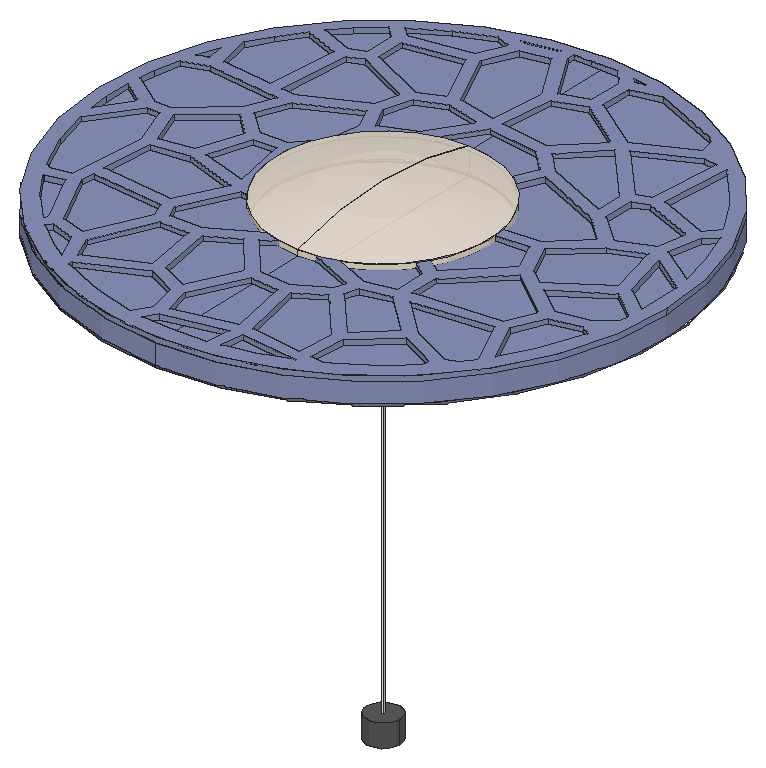
Revit family "Haworth_BuzziMoon_Light", category Lighting Fixtures, host Face, Revit 2018 (continued)
Definition of nested family "Haworth_BuzziMoon_Pendant_Small_PART"
  Automatic sketch dimensions
    Extrusion 3 sketch curve to Extrusion 3 sketch curve = 0.26001"
    plane 9 "Inside Front" to Extrusion 3 sketch curve = 0.51411"
    Extrusion 3 sketch curve to Extrusion 3 sketch curve = 0.87884"
    Extrusion 3 sketch curve to plane 1 "Center (Front/Back)" = 0.80041"
    Extrusion 3 sketch curve to Extrusion 3 sketch curve = 1.87171"
    Extrusion 3 sketch curve to plane 1 "Center (Front/Back)" = 1.80199"
    Extrusion 3 sketch curve to Extrusion 3 sketch curve = 0.16987"
    Extrusion 3 sketch curve to Extrusion 3 sketch curve = 1.11065"
    Extrusion 3 sketch curve to Extrusion 3 sketch curve = 0.12778"
    plane 10 "Cable Back" to Extrusion 3 sketch curve = 0.7639"
    Extrusion 3 sketch curve to Extrusion 3 sketch curve = 4.24723"
    Extrusion 3 sketch curve to Extrusion 3 sketch curve = 1.9714"
    Extrusion 3 sketch curve to Extrusion 3 sketch curve = 0.06407"
    Extrusion 3 sketch curve to plane 1 "Center (Front/Back)" = 2.91228"
    Extrusion 3 sketch curve to Extrusion 3 sketch curve = 1.04082"
    plane 8 "Inside Back" to Extrusion 3 sketch curve = 0.464"
    Extrusion 3 sketch curve to Extrusion 3 sketch curve = 0.49808"
    Extrusion 3 sketch curve to plane 8 "Inside Back" = 0.53887"
    Extrusion 3 sketch curve to Extrusion 3 sketch curve = 0.19104"
    plane 10 "Cable Back" to Extrusion 3 sketch curve = 1.4083"
    Extrusion 3 sketch curve to Extrusion 3 sketch curve = 0.95201"
    Extrusion 3 sketch curve to plane 9 "Inside Front" = 3.64609"
    Extrusion 3 sketch curve to Extrusion 3 sketch curve = 0.99005"
    plane 10 "Cable Back" to Extrusion 3 sketch curve = 0.25651"
    Extrusion 3 sketch curve to Extrusion 3 sketch curve = 0.14626"
    Extrusion 3 sketch curve to Extrusion 3 sketch curve = 0.90801"
    plane 8 "Inside Back" to Extrusion 3 sketch curve = 0.16562"
    Extrusion 3 sketch curve to Extrusion 3 sketch curve = 0.93819"
    Extrusion 3 sketch curve to plane 9 "Inside Front" = 3.58943"
    Extrusion 3 sketch curve to Extrusion 3 sketch curve = 0.60326"
    Extrusion 3 sketch curve to plane 8 "Inside Back" = 2.41146"
    Extrusion 3 sketch curve to Extrusion 3 sketch curve = 0.34454"
    plane 10 "Cable Back" to Extrusion 3 sketch curve = 1.06518"
    Extrusion 3 sketch curve to Extrusion 3 sketch curve = 0.74269"
    plane 9 "Inside Front" to Extrusion 3 sketch curve = 2.67775"
    Extrusion 3 sketch curve to Extrusion 3 sketch curve = 2.22804"
    Extrusion 3 sketch curve to plane 4 "Front" = 2.59258"
    Extrusion 3 sketch curve to Extrusion 3 sketch curve = 0.27141"
    Extrusion 3 sketch curve to Extrusion 3 sketch curve = 0.2811"
    plane 10 "Cable Back" to Extrusion 3 sketch curve = 0.16729"
    Extrusion 3 sketch curve to Extrusion 3 sketch curve = 0.40322"
    Extrusion 3 sketch curve to plane 8 "Inside Back" = 1.71255"
    Extrusion 3 sketch curve to Extrusion 3 sketch curve = 0.74996"
    plane 9 "Inside Front" to Extrusion 3 sketch curve = 2.43626"
    Extrusion 3 sketch curve to Extrusion 3 sketch curve = 0.95751"
    Extrusion 3 sketch curve to plane 4 "Front" = 2.09174"
    Extrusion 3 sketch curve to Extrusion 3 sketch curve = 1.0819"
    Extrusion 3 sketch curve to plane 5 "Back" = 2.04874"
    plane 10 "Cable Back" to Extrusion 3 sketch curve = 1.91265"
    Extrusion 3 sketch curve to Extrusion 3 sketch curve = 0.31494"
    Extrusion 3 sketch curve to plane 5 "Back" = 1.71507"
    Extrusion 3 sketch curve to Extrusion 3 sketch curve = 0.93023"
    plane 10 "Cable Back" to Extrusion 3 sketch curve = 1.15162"
    Extrusion 3 sketch curve to Extrusion 3 sketch curve = 0.71307"
    Extrusion 3 sketch curve to Extrusion 3 sketch curve = 0.38382"
    plane 9 "Inside Front" to Extrusion 3 sketch curve = 1.03846"
    Extrusion 3 sketch curve to Extrusion 3 sketch curve = 2.34744"
    Extrusion 3 sketch curve to plane 8 "Inside Back" = 0.58396"
    Extrusion 3 sketch curve to Extrusion 3 sketch curve = 2.70638"
    Extrusion 3 sketch curve to plane 9 "Inside Front" = 0.5245"
    Extrusion 3 sketch curve to Extrusion 3 sketch curve = 0.70103"
    plane 9 "Inside Front" to Extrusion 3 sketch curve = 0.52946"
    Extrusion 3 sketch curve to Extrusion 3 sketch curve = 0.85481"
    Extrusion 3 sketch curve to plane 8 "Inside Back" = 0.30383"
    Extrusion 3 sketch curve to Extrusion 3 sketch curve = 1.36997"
    Extrusion 3 sketch curve to plane 4 "Front" = 1.06341"
    Extrusion 3 sketch curve to plane 9 "Inside Front" = 0.16214"
    Extrusion 3 sketch curve to Extrusion 3 sketch curve = 1.16146"
    plane 10 "Cable Back" to Extrusion 3 sketch curve = 0.54033"
    Extrusion 3 sketch curve to plane 3 "Center (Left/Right)" = 1.40753"
    Extrusion 3 sketch curve to Extrusion 3 sketch curve = 0.38731"
    Extrusion 3 sketch curve to plane 3 "Center (Left/Right)" = 0.98242"
    Extrusion 3 sketch curve to plane 3 "Center (Left/Right)" = 0.77803"
    Extrusion 3 sketch curve to plane 3 "Center (Left/Right)" = 0.64357"
    Extrusion 3 sketch curve to plane 3 "Center (Left/Right)" = 0.35121"
    Extrusion 3 sketch curve to plane 3 "Center (Left/Right)" = 0.15448"
    Extrusion 3 sketch curve to plane 3 "Center (Left/Right)" = 0.10567"
    Extrusion 3 sketch curve to plane 3 "Center (Left/Right)" = 0.04803"
    plane 3 "Center (Left/Right)" to Extrusion 3 sketch curve = 0.21459"
    Extrusion 3 sketch curve to plane 9 "Inside Front" = 0.10015"
    plane 3 "Center (Left/Right)" to Extrusion 3 sketch curve = 1.32788"
    plane 3 "Center (Left/Right)" to Extrusion 3 sketch curve = 2.22161"
    Extrusion 3 sketch curve to plane 4 "Front" = 1.15667"
    Extrusion 3 sketch curve to Extrusion 3 sketch curve = 0.14593"
    Extrusion 3 sketch curve to Extrusion 3 sketch curve = 0.27982"
    plane 3 "Center (Left/Right)" to Extrusion 3 sketch curve = 2.74049"
    Extrusion 3 sketch curve to plane 9 "Inside Front" = 0.51106"
    Extrusion 3 sketch curve to Extrusion 3 sketch curve = 0.95714"
    Extrusion 3 sketch curve to plane 4 "Front" = 1.34693"
    Extrusion 3 sketch curve to Extrusion 3 sketch curve = 0.15448"
    Extrusion 3 sketch curve to plane 10 "Cable Back" = 0.19467"
    plane 3 "Center (Left/Right)" to Extrusion 3 sketch curve = 3.92782"
    plane 10 "Cable Back" to Extrusion 3 sketch curve = 0.78999"
    Extrusion 3 sketch curve to Extrusion 3 sketch curve = 0.05922"
    Extrusion 3 sketch curve to plane 8 "Inside Back" = 1.44762"
    Extrusion 3 sketch curve to Extrusion 3 sketch curve = 0.88838"
    plane 10 "Cable Back" to Extrusion 3 sketch curve = 0.26245"
    Extrusion 3 sketch curve to Extrusion 3 sketch curve = 0.86714"
    plane 9 "Inside Front" to Extrusion 3 sketch curve = 2.44554"
    Extrusion 3 sketch curve to Extrusion 3 sketch curve = 2.41791"
    Extrusion 3 sketch curve to Extrusion 3 sketch curve = 0.30593"
    plane 9 "Inside Front" to Extrusion 3 sketch curve = 1.47927"
    Extrusion 3 sketch curve to Extrusion 3 sketch curve = 0.39853"
    plane 8 "Inside Back" to Extrusion 3 sketch curve = 0.30711"
    Extrusion 3 sketch curve to Extrusion 3 sketch curve = 0.79613"
    Extrusion 3 sketch curve to plane 8 "Inside Back" = 2.04154"
    Extrusion 3 sketch curve to Extrusion 3 sketch curve = 0.81136"
    Extrusion 3 sketch curve to plane 5 "Back" = 2.15606"
    Extrusion 3 sketch curve to Extrusion 3 sketch curve = 0.85388"
    plane 9 "Inside Front" to Extrusion 3 sketch curve = 2.68118"
    Extrusion 3 sketch curve to Extrusion 3 sketch curve = 0.66156"
    plane 9 "Inside Front" to Extrusion 3 sketch curve = 0.68912"
    Extrusion 3 sketch curve to Extrusion 3 sketch curve = 0.67805"
    Extrusion 3 sketch curve to plane 4 "Front" = 2.33724"
    plane 9 "Inside Front" to Extrusion 3 sketch curve = 1.62115"
    Extrusion 3 sketch curve to Extrusion 3 sketch curve = 0.32811"
    Extrusion 3 sketch curve to plane 8 "Inside Back" = 0.22471"
    Extrusion 3 sketch curve to Extrusion 3 sketch curve = 0.83953"
    plane 8 "Inside Back" to Extrusion 3 sketch curve = 0.82516"
    Extrusion 3 sketch curve to Extrusion 3 sketch curve = 0.86765"
    plane 10 "Cable Back" to Extrusion 3 sketch curve = 2.04281"
    Extrusion 3 sketch curve to Extrusion 3 sketch curve = 0.95493"
    Extrusion 3 sketch curve to plane 9 "Inside Front" = 3.42994"
    Extrusion 3 sketch curve to Extrusion 3 sketch curve = 1.00245"
    Extrusion 3 sketch curve to plane 4 "Front" = 2.79611"
    Extrusion 3 sketch curve to Extrusion 3 sketch curve = 0.9058"
    Extrusion 3 sketch curve to plane 9 "Inside Front" = 4.24021"
    plane 9 "Inside Front" to Extrusion 3 sketch curve = 0.09059"
    Extrusion 3 sketch curve to Extrusion 3 sketch curve = 2.34242"
    plane 9 "Inside Front" to Extrusion 3 sketch curve = 1.01794"
    Extrusion 3 sketch curve to Extrusion 3 sketch curve = 0.34646"
    Extrusion 3 sketch curve to plane 1 "Center (Front/Back)" = 1.57158"
    Extrusion 3 sketch curve to Extrusion 3 sketch curve = 3.08787"
    Extrusion 3 sketch curve to plane 9 "Inside Front" = 3.43423"
    Extrusion 3 sketch curve to Extrusion 3 sketch curve = 0.43446"
    Extrusion 3 sketch curve to plane 1 "Center (Front/Back)" = 0.59395"
    Extrusion 3 sketch curve to plane 9 "Inside Front" = 0.08184"
    Extrusion 3 sketch curve to Extrusion 3 sketch curve = 0.98425"  (x2)
    plane 9 "Inside Front" to Extrusion 3 sketch curve = 2.15503"
    plane 9 "Inside Front" to Extrusion 3 sketch curve = 0.83888"
    Extrusion 3 sketch curve to Extrusion 3 sketch curve = 0.58886"
    plane 9 "Inside Front" to Extrusion 3 sketch curve = 1.47363"
    Extrusion 3 sketch curve to Extrusion 3 sketch curve = 0.6515"
    plane 9 "Inside Front" to Extrusion 3 sketch curve = 0.67386"
    Extrusion 3 sketch curve to plane 1 "Center (Front/Back)" = 0.81398"
    Extrusion 3 sketch curve to Extrusion 3 sketch curve = 2.67107"
    Extrusion 3 sketch curve to plane 1 "Center (Front/Back)" = 1.80963"
    Extrusion 3 sketch curve to Extrusion 3 sketch curve = 0.09799"
    Extrusion 3 sketch curve to plane 8 "Inside Back" = 1.36213"
    Extrusion 3 sketch curve to plane 6 "Left" = 3.84358"
    Extrusion 3 sketch curve to plane 9 "Inside Front" = 0.41762"
    Extrusion 3 sketch curve to Extrusion 3 sketch curve = 0.83594"
    Extrusion 3 sketch curve to Extrusion 3 sketch curve = 0.22661"
    Extrusion 3 sketch curve to plane 1 "Center (Front/Back)" = 1.20746"
    Extrusion 3 sketch curve to Extrusion 3 sketch curve = 0.90247"
    Extrusion 3 sketch curve to Extrusion 3 sketch curve = 1.15257"
    Extrusion 3 sketch curve to Extrusion 3 sketch curve = 0.63068"
    Extrusion 3 sketch curve to Extrusion 3 sketch curve = 0.98938"
    Extrusion 3 sketch curve to plane 6 "Left" = 1.74601"
    Extrusion 3 sketch curve to Extrusion 3 sketch curve = 0.17396"
    Extrusion 3 sketch curve to plane 6 "Left" = 1.352"
    Extrusion 3 sketch curve to Extrusion 3 sketch curve = 0.26878"
    Extrusion 3 sketch curve to Extrusion 3 sketch curve = 0.20314"
    Extrusion 3 sketch curve to Extrusion 3 sketch curve = 0.75317"
    Extrusion 3 sketch curve to Extrusion 3 sketch curve = 1.07929"
    Extrusion 3 sketch curve to Extrusion 3 sketch curve = 0.79732"
    Extrusion 3 sketch curve to Extrusion 3 sketch curve = 0.44738"
    Extrusion 3 sketch curve to Extrusion 3 sketch curve = 0.73396"
    Extrusion 3 sketch curve to Extrusion 3 sketch curve = 0.542"
    Extrusion 3 sketch curve to Extrusion 3 sketch curve = 0.7389"
    Extrusion 3 sketch curve to Extrusion 3 sketch curve = 0.89289"
    Extrusion 3 sketch curve to Extrusion 3 sketch curve = 0.05541"
    Extrusion 3 sketch curve to Extrusion 3 sketch curve = 0.22628"
    Extrusion 3 sketch curve to Extrusion 3 sketch curve = 1.01145"
    Extrusion 3 sketch curve to Extrusion 3 sketch curve = 0.16928"
    Extrusion 3 sketch curve to Extrusion 3 sketch curve = 0.96206"
    Extrusion 3 sketch curve to Extrusion 3 sketch curve = 0.82376"
    Extrusion 3 sketch curve to Extrusion 3 sketch curve = 0.14981"
    Extrusion 3 sketch curve to Extrusion 3 sketch curve = 0.85085"
    Extrusion 3 sketch curve to Extrusion 3 sketch curve = 1.08513"
    Extrusion 3 sketch curve to Extrusion 3 sketch curve = 0.75929"
    Extrusion 3 sketch curve to Extrusion 3 sketch curve = 0.20633"
    Extrusion 3 sketch curve to Extrusion 3 sketch curve = 0.30772"
    Extrusion 3 sketch curve to Extrusion 3 sketch curve = 0.78432"
    Extrusion 3 sketch curve to Extrusion 3 sketch curve = 1.07699"
    Extrusion 3 sketch curve to Extrusion 3 sketch curve = 0.87739"
    Extrusion 3 sketch curve to Extrusion 3 sketch curve = 1.15255"
    plane 10 "Cable Back" to Extrusion 3 sketch curve = 0.35024"
    Extrusion 3 sketch curve to Extrusion 3 sketch curve = 0.95359"
    Extrusion 3 sketch curve to Extrusion 3 sketch curve = 0.16223"
    Extrusion 3 sketch curve to Extrusion 3 sketch curve = 0.82703"
    Extrusion 4 sketch curve to Extrusion 4 sketch curve = 0.000"  (x50)
    Extrusion 4 sketch curve to plane 7 "Right" = 1.29755"
    Extrusion 4 sketch curve to Extrusion 4 sketch curve = 0.15933"
    Extrusion 4 sketch curve to plane 8 "Inside Back" = 0.25028"
    Extrusion 4 sketch curve to Extrusion 4 sketch curve = 1.09949"
    Extrusion 4 sketch curve to plane 8 "Inside Back" = 0.00735"
    Extrusion 4 sketch curve to Extrusion 4 sketch curve = 0.16235"
    Extrusion 4 sketch curve to plane 10 "Cable Back" = 0.84384"
    Extrusion 4 sketch curve to Extrusion 4 sketch curve = 1.08547"
    Extrusion 4 sketch curve to Extrusion 4 sketch curve = 0.16851"
    plane 10 "Cable Back" to Extrusion 4 sketch curve = 0.49131"
    Extrusion 4 sketch curve to Extrusion 4 sketch curve = 1.12703"
    Extrusion 4 sketch curve to Extrusion 4 sketch curve = 0.18742"
    Extrusion 4 sketch curve to Extrusion 4 sketch curve = 1.01862"
    Extrusion 4 sketch curve to Extrusion 4 sketch curve = 0.24211"  (x2)
    plane 1 "Center (Front/Back)" to Extrusion 4 sketch curve = 3.36685"
    Extrusion 4 sketch curve to Extrusion 4 sketch curve = 6.24723"
    Extrusion 4 sketch curve to plane 1 "Center (Front/Back)" = 3.34495"
    Extrusion 4 sketch curve to Extrusion 4 sketch curve = 0.26234"  (x32)
    Extrusion 4 sketch curve to Extrusion 4 sketch curve = 0.9969"  (x25)
    Extrusion 4 sketch curve to Extrusion 4 sketch curve = 1.01714"
    Extrusion 4 sketch curve to plane 4 "Front" = 0.32055"
    Extrusion 4 sketch curve to plane 8 "Inside Back" = 0.61154"
    Extrusion 4 sketch curve to plane 4 "Front" = 0.11524"
    Extrusion 4 sketch curve to plane 5 "Back" = 0.12769"
    Extrusion 4 sketch curve to plane 4 "Front" = 0.08555"
    Extrusion 4 sketch curve to plane 8 "Inside Back" = 0.07232"
    Extrusion 4 sketch curve to Extrusion 4 sketch curve = 0.73456"
    Extrusion 4 sketch curve to plane 9 "Inside Front" = 0.00899"
    Extrusion 4 sketch curve to plane 3 "Center (Left/Right)" = 0.64975"
    Extrusion 4 sketch curve to plane 8 "Inside Back" = 0.04913"
    Extrusion 4 sketch curve to plane 9 "Inside Front" = 0.00497"
    plane 1 "Center (Front/Back)" to Extrusion 4 sketch curve = 0.00868"
    Extrusion 4 sketch curve to plane 3 "Center (Left/Right)" = 0.03883"
    Extrusion 4 sketch curve to Extrusion 4 sketch curve = 0.0153"
    Extrusion 4 sketch curve to Extrusion 4 sketch curve = 0.00379"  (x2)
    plane 1 "Center (Front/Back)" to Extrusion 4 sketch curve = 0.00269"
    Extrusion 4 sketch curve to Extrusion 4 sketch curve = 0.00163"
    Extrusion 4 sketch curve to Extrusion 4 sketch curve = 0.00228"
    Extrusion 4 sketch curve to Extrusion 4 sketch curve = 0.00091"
    Extrusion 4 sketch curve to Extrusion 4 sketch curve = 0.00175"
    Extrusion 4 sketch curve to Extrusion 4 sketch curve = 0.00098"
    Extrusion 4 sketch curve to Extrusion 4 sketch curve = 0.00093"
    Extrusion 4 sketch curve to Extrusion 4 sketch curve = 0.00079"
    Extrusion 4 sketch curve to Extrusion 4 sketch curve = 0.00057"  (x2)
    Extrusion 4 sketch curve to Extrusion 4 sketch curve = 0.00051"
    Extrusion 4 sketch curve to Extrusion 4 sketch curve = 0.00071"
    Extrusion 4 sketch curve to Extrusion 4 sketch curve = 0.00064"
    Extrusion 4 sketch curve to Extrusion 4 sketch curve = 0.00065"
    Extrusion 4 sketch curve to Extrusion 4 sketch curve = 0.00048"  (x2)
    Extrusion 4 sketch curve to Extrusion 4 sketch curve = 0.00006"  (x2)
    Extrusion 4 sketch curve to Extrusion 4 sketch curve = 0.00037"
    Extrusion 4 sketch curve to Extrusion 4 sketch curve = 0.00041"  (x2)
    Extrusion 4 sketch curve to Extrusion 4 sketch curve = 0.00036"
    Extrusion 4 sketch curve to Extrusion 4 sketch curve = 0.00034"  (x2)
    Extrusion 4 sketch curve to Extrusion 4 sketch curve = 0.00176"
    Extrusion 4 sketch curve to Extrusion 4 sketch curve = 0.00027"  (x2)
    Extrusion 4 sketch curve to Extrusion 4 sketch curve = 0.00023"
    Extrusion 4 sketch curve to Extrusion 4 sketch curve = 0.00014"
    Extrusion 4 sketch curve to Extrusion 4 sketch curve = 0.00003"  (x3)
    Extrusion 4 sketch curve to Extrusion 4 sketch curve = 0.00002"
    Extrusion 4 sketch curve to Extrusion 4 sketch curve = 0.00001"  (x4)
    Extrusion 4 sketch curve to Extrusion 4 sketch curve = 0.00021"  (x2)
    Extrusion 4 sketch curve to Extrusion 4 sketch curve = 0.00004"  (x3)
    Extrusion 4 sketch curve to Extrusion 4 sketch curve = 0.00005"  (x3)
    Extrusion 4 sketch curve to Extrusion 4 sketch curve = 0.00016"  (x2)
    Extrusion 4 sketch curve to Extrusion 4 sketch curve = 0.00011"
    Extrusion 4 sketch curve to Extrusion 4 sketch curve = 0.00018"
    Extrusion 4 sketch curve to plane 3 "Center (Left/Right)" = 0.00296"
    Extrusion 4 sketch curve to plane 3 "Center (Left/Right)" = 0.00212"
    plane 3 "Center (Left/Right)" to Extrusion 4 sketch curve = 0.01571"
    plane 3 "Center (Left/Right)" to Extrusion 4 sketch curve = 0.01647"
    Extrusion 4 sketch curve to Extrusion 4 sketch curve = 0.0129"
    plane 3 "Center (Left/Right)" to Extrusion 4 sketch curve = 0.47709"
    Extrusion 4 sketch curve to plane 5 "Back" = 0.02516"
    plane 3 "Center (Left/Right)" to Extrusion 4 sketch curve = 0.60949"  (x2)
    Extrusion 4 sketch curve to plane 4 "Front" = 0.01211"
    Extrusion 4 sketch curve to plane 4 "Front" = 0.0246"
    Extrusion 4 sketch curve to plane 5 "Back" = 0.03771"
    Extrusion 4 sketch curve to plane 9 "Inside Front" = 0.20664"
    Extrusion 4 sketch curve to plane 5 "Back" = 0.12554"
    Extrusion 4 sketch curve to plane 4 "Front" = 0.14599"
    Extrusion 4 sketch curve to plane 5 "Back" = 0.15932"
    Extrusion 4 sketch curve to plane 4 "Front" = 0.3155"
    Extrusion 4 sketch curve to plane 8 "Inside Back" = 0.59782"
    Extrusion 4 sketch curve to plane 5 "Back" = 0.63962"
    plane 10 "Cable Back" to Extrusion 4 sketch curve = 0.43856"
    plane 10 "Cable Back" to Extrusion 4 sketch curve = 0.19017"
    Extrusion 4 sketch curve to plane 8 "Inside Back" = 0.30347"
    Extrusion 4 sketch curve to plane 6 "Left" = 1.28881"
    Extrusion 4 sketch curve to Extrusion 4 sketch curve = 0.00753"
    Extrusion 4 sketch curve to Extrusion 4 sketch curve = 0.00852"
    Extrusion 4 sketch curve to Extrusion 4 sketch curve = 0.03374"
    Extrusion 4 sketch curve to Extrusion 4 sketch curve = 0.05145"
    Extrusion 4 sketch curve to Extrusion 4 sketch curve = 0.05566"
    Extrusion 4 sketch curve to Extrusion 4 sketch curve = 0.23839"
    Extrusion 4 sketch curve to Extrusion 4 sketch curve = 0.25485"
    Extrusion 4 sketch curve to Extrusion 4 sketch curve = 0.07429"
    Extrusion 4 sketch curve to Extrusion 4 sketch curve = 0.07876"
    Extrusion 4 sketch curve to Extrusion 4 sketch curve = 0.32809"
    Extrusion 4 sketch curve to Extrusion 4 sketch curve = 0.34581"
    Extrusion 4 sketch curve to Extrusion 4 sketch curve = 0.0988"
    Extrusion 4 sketch curve to Extrusion 4 sketch curve = 0.10368"
    Extrusion 4 sketch curve to Extrusion 4 sketch curve = 0.4256"
    Extrusion 4 sketch curve to Extrusion 4 sketch curve = 0.44522"
    Extrusion 4 sketch curve to Extrusion 4 sketch curve = 0.1258"
    Extrusion 4 sketch curve to Extrusion 4 sketch curve = 0.1313"
    Extrusion 4 sketch curve to Extrusion 4 sketch curve = 0.54643"
    Extrusion 4 sketch curve to Extrusion 4 sketch curve = 0.55714"
    Extrusion 4 sketch curve to Extrusion 4 sketch curve = 0.1446"
    Extrusion 4 sketch curve to Extrusion 4 sketch curve = 0.16292"  (x2)
    Extrusion 4 sketch curve to Extrusion 4 sketch curve = 0.66042"
    Extrusion 4 sketch curve to Extrusion 4 sketch curve = 0.68791"
    Extrusion 4 sketch curve to Extrusion 4 sketch curve = 0.1775"
    Extrusion 4 sketch curve to Extrusion 4 sketch curve = 0.20067"
    Extrusion 4 sketch curve to Extrusion 4 sketch curve = 0.18072"
    Extrusion 4 sketch curve to Extrusion 4 sketch curve = 0.84835"
    Extrusion 4 sketch curve to Extrusion 4 sketch curve = 0.24841"
    Extrusion 4 sketch curve to Extrusion 4 sketch curve = 1.15482"
    Extrusion 4 sketch curve to Extrusion 4 sketch curve = 0.17528"
    Extrusion 4 sketch curve to Extrusion 4 sketch curve = 1.05949"
    Extrusion 4 sketch curve to Extrusion 4 sketch curve = 0.31416"
    Extrusion 4 sketch curve to Extrusion 4 sketch curve = 0.0132"
    Extrusion 4 sketch curve to plane 9 "Inside Front" = 0.01966"
    Extrusion 4 sketch curve to Extrusion 4 sketch curve = 0.03161"
    Extrusion 4 sketch curve to Extrusion 4 sketch curve = 0.15097"
    Extrusion 4 sketch curve to plane 9 "Inside Front" = 0.21452"
    Extrusion 4 sketch curve to plane 9 "Inside Front" = 0.25623"
    Extrusion 4 sketch curve to plane 9 "Inside Front" = 0.26762"
    Extrusion 4 sketch curve to Extrusion 4 sketch curve = 1.37041"
    Extrusion 4 sketch curve to Extrusion 4 sketch curve = 0.09586"  (x2)
    Extrusion 4 sketch curve to Extrusion 4 sketch curve = 0.10409"
    Extrusion 4 sketch curve to Extrusion 4 sketch curve = 0.41903"
    Extrusion 4 sketch curve to Extrusion 4 sketch curve = 0.14574"
    Extrusion 4 sketch curve to Extrusion 4 sketch curve = 0.15604"  (x2)
    Extrusion 4 sketch curve to Extrusion 4 sketch curve = 0.21173"  (x2)
    Extrusion 4 sketch curve to Extrusion 4 sketch curve = 0.21058"
    Extrusion 4 sketch curve to Extrusion 4 sketch curve = 2.01318"
    Extrusion 4 sketch curve to Extrusion 4 sketch curve = 0.32983"
    Extrusion 4 sketch curve to Extrusion 4 sketch curve = 1.94183"
    Extrusion 4 sketch curve to Extrusion 4 sketch curve = 0.65174"  (x2)
    Extrusion 4 sketch curve to Extrusion 4 sketch curve = 0.28625"
    Extrusion 4 sketch curve to Extrusion 4 sketch curve = 0.34434"  (x2)
    Extrusion 4 sketch curve to Extrusion 4 sketch curve = 0.71128"  (x2)
    Extrusion 4 sketch curve to Extrusion 4 sketch curve = 0.0078"
    Extrusion 4 sketch curve to Extrusion 4 sketch curve = 0.00143"
    Extrusion 4 sketch curve to Extrusion 4 sketch curve = 0.00116"
    Extrusion 4 sketch curve to Extrusion 4 sketch curve = 0.00087"
    Extrusion 4 sketch curve to Extrusion 4 sketch curve = 0.00062"
    Extrusion 4 sketch curve to Extrusion 4 sketch curve = 0.00032"
    Extrusion 4 sketch curve to Extrusion 4 sketch curve = 0.00029"
    Extrusion 4 sketch curve to Extrusion 4 sketch curve = 0.00126"
    Extrusion 4 sketch curve to Extrusion 4 sketch curve = 0.00007"  (x2)
    Extrusion 4 sketch curve to Extrusion 4 sketch curve = 0.00009"
    Extrusion 4 sketch curve to Extrusion 4 sketch curve = 0.0002"
    Extrusion 4 sketch curve to Extrusion 4 sketch curve = 0.0001"  (x2)
    Extrusion 4 sketch curve to Extrusion 4 sketch curve = 0.00012"
    Extrusion 4 sketch curve to Extrusion 4 sketch curve = 0.58042"
    Extrusion 4 sketch curve to Extrusion 4 sketch curve = 0.28926"
    Extrusion 4 sketch curve to Extrusion 4 sketch curve = 0.21359"
    Extrusion 4 sketch curve to plane 8 "Inside Back" = 0.22553"
    Extrusion 4 sketch curve to Extrusion 4 sketch curve = 0.16889"
    Extrusion 4 sketch curve to Extrusion 4 sketch curve = 0.20066"
    Extrusion 4 sketch curve to Extrusion 4 sketch curve = 0.17744"
    Extrusion 4 sketch curve to Extrusion 4 sketch curve = 0.15632"
    Extrusion 4 sketch curve to Extrusion 4 sketch curve = 0.13131"
    Extrusion 4 sketch curve to Extrusion 4 sketch curve = 0.12564"
    Extrusion 4 sketch curve to Extrusion 4 sketch curve = 0.1037"
    Extrusion 4 sketch curve to Extrusion 4 sketch curve = 0.09867"
    Extrusion 4 sketch curve to Extrusion 4 sketch curve = 0.07418"
    Extrusion 4 sketch curve to plane 5 "Back" = 0.09807"
    Extrusion 5 sketch curve to Extrusion 5 sketch curve = 0.000"  (x4)
    Extrusion 5 sketch curve to plane 6 "Left" = 15.750"
    Extrusion 5 sketch curve to Extrusion 5 sketch curve = 0.01789"
    Extrusion 5 sketch curve to Extrusion 5 sketch curve = 0.01897"
    plane 1 "Center (Front/Back)" to Extrusion 5 sketch curve = 0.000"
    Revolve 6 sketch curve to plane 12 "Screen End" = 0.000"
    Revolve 6 sketch curve to level = 17.28091"
    level to Revolve 6 sketch curve = 3.350"
    Revolve 6 sketch curve to Revolve 6 sketch curve = 6.19415"
    Revolve 7 sketch curve to Revolve 7 sketch curve = 3.200"
    plane 12 "Screen End" to Revolve 7 sketch curve = 2.240"
    Revolve 8 sketch curve to level = 1.08414"
    plane 15 to Revolve 8 sketch curve = 3.16586"
    radius of Extrusion 3 sketch curve = 15.74803"
    radius of Extrusion 5 sketch curve = 12.20472"
    radius of Extrusion 5 sketch curve = 10.23622"
    radius of Extrusion 5 sketch curve = 8.85827"
    radius of Extrusion 5 sketch curve = 13.18898"
    radius of Blend 9 sketch curve = 0.045"  (x2)
    radius of Blend 10 sketch curve = 0.045"  (x2)
    radius of Blend 11 sketch curve = 0.045"  (x2)
Definition of nested family "Haworth_BuzziMoon_Pendant_Medium_PART"
  Parameters (values of type "Medium")
    Warranty = "https://www.haworth.com/resources/product-info/warranties"
    URL - Product = "https://www.haworth.com/products/lighting/acoustic/buzzimoon"
    URL = "https://www.haworth.com/our-brands/haworth-collection"
    Trim Finish = none
    Revision = "1"  # constant formula
    Outside Radius = Actual Width / 2  # 19.685"
    Outer Upholstery Finish = none
    Note = "Verify Final Dim. w/ Haworth"  # constant formula
    Model = "HCBZ-MNP2"  # constant formula
    Manufacturer = "Haworth"  # constant formula
    Inside Radius = 17.720" / 2  # 8.860"
    Glass Finish = none
    Flat = yes
    Description = "Haworth - BuzziMoon - Medium Pendant Part"  # constant formula
    Cable Length = 10.000"  # constant formula
    Author = "Haworth (Alias)"  # constant formula
    Assembly Code = "E2020200"
    Actual Width = 39.370"  # constant formula
    Actual Height = 2.360"  # constant formula
    Actual Depth = 39.370"  # constant formula
    3D Rib = yes
    3D Leaf = yes
    3D Drop = yes
  Reference planes (in)
    plane 1 "Center (Front/Back)": y = 0
    plane 2: z = 0
    plane 3 "Center (Left/Right)": x = 0
    plane 4 "Front": y = -19.685
    plane 5 "Back": y = 19.685
    plane 6 "Left": x = 19.685
    plane 7 "Right": x = -19.685
    plane 8 "Inside Back": y = 8.86
    plane 9 "Inside Front": y = -8.86
    plane 10 "Cable Back": y = 11.11
    plane 11 "Cable End": z = 10
    plane 12 "Screen End": z = 12.36
    plane 13: z = 11.96
    plane 14 "Cable Control": z = 10.1
    plane 15: z = 1
  Forms (in)
    Revolve 1, solid, material <- "Outer Upholstery Finish"
      sketch origin (0, 0, 0) x (0, 1, 0) y (0, 0, 1)
        loop
          arc (8.86, 10.25) -> (8.93322, 10.07322) -> (9.11, 10) r 0.25
          line (9.11, 10) -> (19.435, 10)
          arc (19.435, 10) -> (19.61178, 10.07322) -> (19.685, 10.25) r 0.25
          line (19.685, 10.25) -> (19.685, 11.96) -> (8.86, 11.96) -> (8.86, 10.25)
        axis (0, 11.96) -> (0, 10)
      angle from 0 to 360
    Revolve 2, solid, material <- "Outer Upholstery Finish", visible <- "Flat"
      sketch origin (0, 0, 0) x (0, 1, 0) y (0, 0, 1)
        loop
          line (8.86, 11.96) -> (19.685, 11.96) -> (19.685, 12.06)
          arc (19.685, 12.06) -> (19.59713, 12.27213) -> (19.385, 12.36) r 0.3
          line (19.385, 12.36) -> (9.16, 12.36)
          arc (9.16, 12.36) -> (8.94787, 12.27213) -> (8.86, 12.06) r 0.3
          line (8.86, 12.06) -> (8.86, 11.96)
        axis (0, 12.36) -> (0, 11.96)
      angle from 0 to 360
    Extrusion 3, solid, material <- "Outer Upholstery Finish", visible <- "3D Leaf"
      sketch origin (0, 0, 0) x (1, 0, 0) y (0, 1, 0)
        loop
          circle (0.00004, 0.00004) r 19.68504
        loop
          arc (-1.41155, 18.64748) -> (-3.83056, 18.3043) -> (-6.18419, 17.64869) r 18.70079
          line (-6.18419, 17.64869) -> (-4.13297, 13.22887) -> (-1.01822, 12.59704) -> (-0.5075, 17.12302) -> (-1.41155, 18.64748)
        loop
          line (0.22006, 17.82576) -> (2.36546, 18.55063)
          arc (2.36546, 18.55063) -> (1.03663, 18.67208) -> (-0.29747, 18.69846) r 18.70079
          line (-0.29747, 18.69846) -> (0.22006, 17.82576)
        loop
          line (3.74196, 18.32263) -> (7.87261, 15.58338) -> (9.24271, 16.25712)
          arc (9.24271, 16.25712) -> (6.57396, 17.50727) -> (3.74196, 18.32263) r 18.70079
        loop
          line (2.90765, 17.6949) -> (0.45398, 16.86588) -> (-0.04603, 12.43481) -> (3.98904, 11.92097) -> (7.05856, 14.94221) -> (2.90765, 17.6949)
        loop
          line (7.81263, 14.30338) -> (4.85618, 11.39343) -> (6.48198, 9.70614) -> (11.90842, 7.51884) -> (11.90842, 9.70287) -> (7.81263, 14.30338)
        loop
          line (8.63401, 14.86098) -> (12.53488, 10.47941) -> (13.62963, 10.93594) -> (13.78179, 12.64056)
          arc (13.78179, 12.64056) -> (12.10364, 14.25565) -> (10.23775, 15.6496) r 18.70079
          line (10.23775, 15.6496) -> (8.63401, 14.86098)
        loop
          line (14.67619, 11.59012) -> (14.6172, 10.92923) -> (15.36777, 10.65613)
          arc (15.36777, 10.65613) -> (15.02924, 11.1285) -> (14.67619, 11.59012) r 18.70079
        loop
          line (16.22654, 9.29628) -> (14.10557, 10.06801) -> (12.89268, 9.56222) -> (12.89268, 7.00792) -> (15.23962, 4.87923) -> (17.73863, 5.92135)
          arc (17.73863, 5.92135) -> (17.06622, 7.64628) -> (16.22654, 9.29628) r 18.70079
        loop
          line (18.0269, 4.97515) -> (15.40561, 3.88205) -> (12.41178, 1.22844) -> (13.65126, -1.44079) -> (14.93849, -2.42977) -> (18.70076, 0.04813)
          arc (18.70076, 0.04813) -> (18.52834, 2.53414) -> (18.0269, 4.97515) r 18.70079
        loop
          line (14.40336, 4.30893) -> (12.13504, 6.3663) -> (6.45386, 8.65627) -> (5.62956, 6.83944)
          arc (5.62956, 6.83944) -> (5.39158, 7.02857) -> (5.14724, 7.20942) r 8.85827
          arc (5.14724, 7.20942) -> (4.98398, 7.32324) -> (4.8182, 7.43336) r 8.85827
          line (4.8182, 7.43336) -> (5.61433, 9.18809) -> (3.92983, 10.93631) -> (-0.3492, 11.48122) -> (-2.30168, 8.55404)
          arc (-2.30168, 8.55404) -> (-3.53643, 8.12176) -> (-4.69405, 7.51232) r 8.85827
          arc (-4.69405, 7.51232) -> (-6.23097, 6.29635) -> (-7.4629, 4.77219) r 8.85827
          line (-7.4629, 4.77219) -> (-7.11258, 6.46952) -> (-8.05624, 8.3421) -> (-12.54637, 6.13413) -> (-13.58382, 3.53656) -> (-11.62869, 1.63987) -> (-9.40595, 1.82296) -> (-8.35451, 2.94458)
          arc (-8.35451, 2.94458) -> (-8.81328, 0.89131) -> (-8.77489, -1.21223) r 8.85827
          arc (-8.77489, -1.21223) -> (-8.20746, -3.3325) -> (-7.13614, -5.24818) r 8.85827
          line (-7.13614, -5.24818) -> (-7.72437, -5.19293) -> (-9.8571, -9.35314) -> (-9.36529, -10.53252) -> (-6.72837, -10.53252) -> (-3.02331, -8.32632)
          arc (-3.02331, -8.32632) -> (-2.37479, -8.53396) -> (-1.71224, -8.69116) r 8.85827
          line (-1.71224, -8.69116) -> (-2.84971, -9.36848) -> (-0.15247, -12.68113) -> (2.50344, -12.8508) -> (4.92136, -11.28456) -> (5.31988, -10.3183) -> (1.36439, -8.75253)
          arc (1.36439, -8.75253) -> (1.83647, -8.66578) -> (2.30316, -8.55359) r 8.85827
          arc (2.30316, -8.55359) -> (2.64938, -8.45277) -> (2.9912, -8.33794) r 8.85827
          line (2.9912, -8.33794) -> (5.99793, -9.52814) -> (8.34035, -8.92962) -> (8.34035, -6.29768) -> (7.01008, -5.41551)
          arc (7.01008, -5.41551) -> (7.17167, -5.19963) -> (7.32662, -4.97893) r 8.85827
          arc (7.32662, -4.97893) -> (7.44951, -4.79312) -> (7.56768, -4.60428) r 8.85827
          line (7.56768, -4.60428) -> (8.77481, -5.40479) -> (12.66188, -1.64712) -> (11.50931, 0.83495) -> (8.83695, 0.61482)
          arc (8.83695, 0.61482) -> (8.80366, 0.98247) -> (8.75508, 1.34842) r 8.85827
          arc (8.75508, 1.34842) -> (8.73541, 1.47049) -> (8.71403, 1.59228) r 8.85827
          line (8.71403, 1.59228) -> (11.6073, 1.83061) -> (14.40336, 4.30893)
        loop
          line (-3.65624, 8.29702) -> (-1.40553, 11.67131) -> (-4.41901, 12.2826) -> (-6.64743, 11.29827) -> (-7.30909, 9.04659) -> (-6.36262, 7.16842) -> (-3.65624, 8.29702)
        loop
          line (-5.13208, 13.04362) -> (-7.10648, 17.29792)
          arc (-7.10648, 17.29792) -> (-9.60657, 16.04474) -> (-11.89182, 14.43275) r 18.70079
          line (-11.89182, 14.43275) -> (-7.05066, 12.19616) -> (-5.13208, 13.04362)
        loop
          line (-8.24728, 9.34498) -> (-7.64708, 11.38749) -> (-12.4106, 13.5882) -> (-13.17898, 13.26778)
          arc (-13.17898, 13.26778) -> (-13.42011, 13.02383) -> (-13.65672, 12.77549) r 18.70079
          line (-13.65672, 12.77549) -> (-14.16313, 7.1021) -> (-13.02565, 6.99526) -> (-8.24728, 9.34498)
        loop
          line (-15.14308, 7.19414) -> (-14.76028, 11.48274)
          arc (-14.76028, 11.48274) -> (-16.1013, 9.51142) -> (-17.1806, 7.38551) r 18.70079
          line (-17.1806, 7.38551) -> (-15.14308, 7.19414)
        loop
          line (-14.57369, 3.71177) -> (-13.63429, 6.06385) -> (-17.55965, 6.43253)
          arc (-17.55965, 6.43253) -> (-18.34996, 3.60519) -> (-18.68805, 0.68902) r 18.70079
          line (-18.68805, 0.68902) -> (-18.21891, 0.68902) -> (-14.57369, 3.71177)
        loop
          line (-14.18888, 2.75224) -> (-17.4618, 0.03821) -> (-16.35446, -3.05247) -> (-13.58259, -2.60227) -> (-12.37616, 0.99369) -> (-14.18888, 2.75224)
        loop
          line (-17.17987, -3.66681) -> (-18.38785, -0.29524) -> (-18.69842, -0.29524)
          arc (-18.69842, -0.29524) -> (-18.36146, -3.54607) -> (-17.46368, -6.6886) r 18.70079
          line (-17.46368, -6.6886) -> (-17.17987, -3.66681)
        loop
          line (-13.24662, -3.54485) -> (-16.23389, -4.03003) -> (-16.62476, -8.28204) -> (-10.68582, -8.81215) -> (-8.71442, -4.96665) -> (-13.24662, -3.54485)
        loop
          line (-11.44752, 0.66721) -> (-12.58428, -2.72109) -> (-8.65035, -3.9552) -> (-9.57582, 0.82139) -> (-11.44752, 0.66721)
        loop
          line (-10.22522, -11.00089) -> (-10.73594, -9.78295) -> (-16.22187, -9.30421)
          arc (-16.22187, -9.30421) -> (-14.2617, -12.09634) -> (-11.82691, -14.48591) r 18.70079
          line (-11.82691, -14.48591) -> (-10.22522, -11.00089)
        loop
          arc (-11.03348, -15.09899) -> (-9.50755, -16.10354) -> (-7.89087, -16.9544) r 18.70079
          line (-7.89087, -16.9544) -> (-6.22762, -16.18249) -> (-7.00947, -11.51677) -> (-9.37852, -11.51677) -> (-11.03348, -15.09899)
        loop
          line (-3.14457, -18.16189) -> (-5.67796, -17.01248) -> (-6.66753, -17.47174)
          arc (-6.66753, -17.47174) -> (-4.89805, -18.0479) -> (-3.08006, -18.44535) r 18.70079
          line (-3.08006, -18.44535) -> (-3.14457, -18.16189)
        loop
          line (-5.23825, -16.13116) -> (-2.94768, -17.1704) -> (-0.98041, -13.22313) -> (-3.70452, -9.87748) -> (-6.05196, -11.27528) -> (-5.23825, -16.13116)
        loop
          line (6.32604, -10.46018) -> (5.88885, -11.5202) -> (9.30011, -15.43138) -> (11.95817, -13.04418) -> (8.68681, -9.85696) -> (6.32604, -10.46018)
        loop
          line (8.7486, -16.29646) -> (5.22729, -12.2591) -> (3.18076, -13.58477) -> (4.0845, -18.24925)
          arc (4.0845, -18.24925) -> (6.46248, -17.54864) -> (8.7269, -16.53965) r 18.70079
          line (8.7269, -16.53965) -> (8.7486, -16.29646)
        loop
          line (3.11869, -18.43887) -> (2.22362, -13.81919) -> (-0.10366, -13.6705) -> (-2.20003, -17.87681) -> (-2.03787, -18.58938)
          arc (-2.03787, -18.58938) -> (0.54562, -18.69279) -> (3.11869, -18.43887) r 18.70079
        loop
          line (9.3246, -6.24228) -> (9.3246, -8.75718) -> (16.33427, -7.91712) -> (17.40203, -5.56369) -> (13.29256, -2.4064) -> (9.3246, -6.24228)
        loop
          line (9.91346, -9.67791) -> (12.96139, -12.64744) -> (13.52967, -12.90998)
          arc (13.52967, -12.90998) -> (15.09629, -11.0373) -> (16.40558, -8.97647) r 18.70079
          line (16.40558, -8.97647) -> (16.3719, -8.90391) -> (9.91346, -9.67791)
        loop
          line (18.66519, -1.15384) -> (15.76444, -3.06434) -> (18.06568, -4.83237)
          arc (18.06568, -4.83237) -> (18.45731, -3.00808) -> (18.66519, -1.15384) r 18.70079
      from 11.96 to 12.36
    Extrusion 4, solid, material <- "Outer Upholstery Finish", visible <- "3D Drop"
      sketch origin (0, 0, 0) x (1, 0, 0) y (0, 1, 0)
        loop
          circle (-0.01789, 0.00132) r 17.12598
        loop
          circle (-0.01789, 0.00132) r 16.14173
        loop
          circle (-0.01789, 0.00132) r 13.18898
        loop
          circle (-0.01789, 0.00132) r 12.20472
        loop
          circle (-0.01789, 0.00132) r 10.23622
        loop
          circle (0, 0.00132) r 8.85827
      from 11.96 to 12.36
    Extrusion 5, solid, material <- "Outer Upholstery Finish", visible <- "3D Rib"
      sketch origin (0, 0, 0) x (1, 0, 0) y (0, 1, 0)
        loop
          line (-18.06303, -7.82323) -> (-18.06303, 7.80726)
          arc (-18.06303, 7.80726) -> (-19.685, -0.00798) -> (-18.06303, -7.82323) r 19.63933
        loop
          line (18.40763, 6.93336) -> (18.40763, -6.94361)
          arc (18.40763, -6.94361) -> (19.67152, -0.00512) -> (18.40763, 6.93336) r 19.67731
        loop
          arc (-8.35183, 2.8998) -> (-7.81805, 4.12531) -> (-7.10567, 5.25639) r 8.84406
          line (-7.10567, 5.25639) -> (-7.10567, 18.35191)
          arc (-7.10567, 18.35191) -> (-7.73332, 18.09698) -> (-8.35183, 17.82059) r 19.68068
          line (-8.35183, 17.82059) -> (-8.35183, 2.8998)
        loop
          line (-0.80933, 19.65841) -> (-0.80933, 8.79799)
          arc (-0.80933, 8.79799) -> (-0.02238, 8.83509) -> (0.76475, 8.80201) r 8.84406
          line (0.76475, 8.80201) -> (0.76475, 19.65928)
          arc (0.76475, 19.65928) -> (-0.0223, 19.67459) -> (-0.80933, 19.65841) r 19.67973
        loop
          arc (2.33884, 19.53381) -> (1.71664, 19.59861) -> (1.09269, 19.64361) r 19.67957
          line (1.09269, 19.64361) -> (1.09269, 8.76739)
          arc (1.09269, 8.76739) -> (1.7202, 8.66626) -> (2.33884, 8.52032) r 8.84406
          line (2.33884, 8.52032) -> (2.33884, 19.53381)
        loop
          arc (3.91292, 19.27952) -> (3.29155, 19.39556) -> (2.66677, 19.49159) r 19.67943
          line (2.66677, 19.49159) -> (2.66677, 8.42355)
          arc (2.66677, 8.42355) -> (3.29937, 8.19673) -> (3.91292, 7.92253) r 8.84406
          line (3.91292, 7.92253) -> (3.91292, 19.27952)
        loop
          arc (5.48701, 18.8912) -> (4.86654, 19.06073) -> (4.24086, 19.2099) r 19.6793
          line (4.24086, 19.2099) -> (4.24086, 7.75214)
          arc (4.24086, 7.75214) -> (4.88138, 7.36613) -> (5.48701, 6.92738) r 8.84406
          line (5.48701, 6.92738) -> (5.48701, 18.8912)
        loop
          arc (7.06109, 18.36034) -> (6.44164, 18.58697) -> (5.81494, 18.79271) r 19.67918
          line (5.81494, 18.79271) -> (5.81494, 6.65487)
          arc (5.81494, 6.65487) -> (6.4727, 6.01803) -> (7.06109, 5.31661) r 8.84406
          line (7.06109, 5.31661) -> (7.06109, 18.36034)
        loop
          arc (8.63518, 17.67413) -> (8.01693, 17.96323) -> (7.38903, 18.23072) r 19.67906
          line (7.38903, 18.23072) -> (7.38903, 4.86795)
          arc (7.38903, 4.86795) -> (8.14436, 3.46208) -> (8.63518, 1.9435) r 8.85827
          line (8.63518, 1.9435) -> (8.63518, 17.67413)
        loop
          arc (10.20927, 16.81353) -> (9.59251, 17.17307) -> (8.96311, 17.50999) r 19.67895
          line (8.96311, 17.50999) -> (8.96311, -17.52148)
          arc (8.96311, -17.52148) -> (9.59251, -17.18457) -> (10.20927, -16.82504) r 19.6763
          line (10.20927, -16.82504) -> (10.20927, 16.81353)
        loop
          arc (11.78335, 15.75002) -> (11.16855, 16.19194) -> (10.5372, 16.60988) r 19.67884
          line (10.5372, 16.60988) -> (10.5372, -16.62139)
          arc (10.5372, -16.62139) -> (11.16855, -16.20343) -> (11.78335, -15.76149) r 19.67633
          line (11.78335, -15.76149) -> (11.78335, 15.75002)
        loop
          arc (13.35744, 14.43884) -> (12.74539, 14.98197) -> (12.11129, 15.49919) r 19.67872
          line (12.11129, 15.49919) -> (12.11129, -15.51065)
          arc (12.11129, -15.51065) -> (12.74539, -14.99338) -> (13.35744, -14.45019) r 19.67638
          line (13.35744, -14.45019) -> (13.35744, 14.43884)
        loop
          arc (14.93152, 12.80414) -> (14.32375, 13.48065) -> (13.68537, 14.12835) r 19.6786
          line (13.68537, 14.12835) -> (13.68537, -14.13968)
          arc (13.68537, -14.13968) -> (14.32375, -13.49189) -> (14.93152, -12.81529) r 19.67644
          line (14.93152, -12.81529) -> (14.93152, 12.80414)
        loop
          arc (16.50561, 10.69874) -> (15.90559, 11.57189) -> (15.25946, 12.41149) r 19.67845
          line (15.25946, 12.41149) -> (15.25946, -12.42259)
          arc (15.25946, -12.42259) -> (15.9056, -11.58284) -> (16.50561, -10.70954) r 19.67653
          line (16.50561, -10.70954) -> (16.50561, 10.69874)
        loop
          arc (18.07969, 7.74817) -> (17.49872, 8.98322) -> (16.83354, 10.17503) r 19.67825
          line (16.83354, 10.17503) -> (16.83354, -10.18574)
          arc (16.83354, -10.18574) -> (17.49874, -8.9937) -> (18.07969, -7.75841) r 19.67671
          line (18.07969, -7.75841) -> (18.07969, 7.74817)
        loop
          arc (7.06109, -5.33448) -> (6.4727, -6.0359) -> (5.81494, -6.67274) r 8.84406
          line (5.81494, -6.67274) -> (5.81494, -18.80401)
          arc (5.81494, -18.80401) -> (6.44164, -18.59832) -> (7.06109, -18.37174) r 19.67624
          line (7.06109, -18.37174) -> (7.06109, -5.33448)
        loop
          arc (5.48701, -6.94525) -> (4.88138, -7.384) -> (4.24086, -7.77001) r 8.84406
          line (4.24086, -7.77001) -> (4.24086, -19.22103)
          arc (4.24086, -19.22103) -> (4.86654, -19.07194) -> (5.48701, -18.90247) r 19.67622
          line (5.48701, -18.90247) -> (5.48701, -6.94525)
        loop
          arc (3.91292, -7.9404) -> (3.29937, -8.2146) -> (2.66677, -8.44142) r 8.84406
          line (2.66677, -8.44142) -> (2.66677, -19.50251)
          arc (2.66677, -19.50251) -> (3.29155, -19.40657) -> (3.91292, -19.29061) r 19.67619
          line (3.91292, -19.29061) -> (3.91292, -7.9404)
        loop
          arc (2.33884, -8.53819) -> (1.7202, -8.68413) -> (1.09269, -8.78526) r 8.84406
          line (1.09269, -8.78526) -> (1.09269, -19.65425)
          arc (1.09269, -19.65425) -> (1.71663, -19.60937) -> (2.33884, -19.54468) r 19.67617
          line (2.33884, -19.54468) -> (2.33884, -8.53819)
        loop
          arc (0.76475, -8.82906) -> (0.14205, -8.86192) -> (-0.4814, -8.84968) r 8.6218
          line (-0.4814, -8.84968) -> (-0.4814, -19.67928)
          arc (-0.4814, -19.67928) -> (0.14175, -19.68444) -> (0.76475, -19.66986) r 19.67615
          line (0.76475, -19.66986) -> (0.76475, -8.82906)
        loop
          arc (-0.80933, -8.83239) -> (-1.43566, -8.739) -> (-2.05548, -8.60927) r 10.86622
          line (-2.05548, -8.60927) -> (-2.05548, -19.57806)
          arc (-2.05548, -19.57806) -> (-1.43313, -19.63324) -> (-0.80933, -19.66863) r 19.67613
          line (-0.80933, -19.66863) -> (-0.80933, -8.83239)
        loop
          arc (-2.38342, -8.52572) -> (-3.01497, -8.32314) -> (-3.62957, -8.0738) r 8.84406
          line (-3.62957, -8.0738) -> (-3.62957, -19.34863)
          arc (-3.62957, -19.34863) -> (-3.00803, -19.45477) -> (-2.38342, -19.54095) r 19.67611
          line (-2.38342, -19.54095) -> (-2.38342, -8.52572)
        loop
          arc (-3.9575, -7.91803) -> (-4.59623, -7.56473) -> (-5.20365, -7.15995) r 8.84406
          line (-5.20365, -7.15995) -> (-5.20365, -18.98632)
          arc (-5.20365, -18.98632) -> (-4.58301, -19.14546) -> (-3.9575, -19.28431) r 19.67609
          line (-3.9575, -19.28431) -> (-3.9575, -7.91803)
        loop
          arc (-5.53159, -6.9094) -> (-6.18478, -6.33058) -> (-6.77774, -5.69019) r 8.84406
          line (-6.77774, -5.69019) -> (-6.77774, -18.48335)
          arc (-6.77774, -18.48335) -> (-6.15808, -18.69879) -> (-5.53159, -18.89346) r 19.67608
          line (-5.53159, -18.89346) -> (-5.53159, -6.9094)
        loop
          arc (-7.10567, -5.27426) -> (-7.81805, -4.14319) -> (-8.35183, -2.91767) r 8.84406
          line (-8.35183, -2.91767) -> (-8.35183, -17.82783)
          arc (-8.35183, -17.82783) -> (-7.73333, -18.10457) -> (-7.10567, -18.35984) r 19.67611
          line (-7.10567, -18.35984) -> (-7.10567, -5.27426)
        loop
          arc (-8.67976, 17.66353) -> (-9.30883, 17.34095) -> (-9.92591, 16.99599) r 19.68095
          line (-9.92591, 16.99599) -> (-9.92591, -17.00231)
          arc (-9.92591, -17.00231) -> (-9.30884, -17.34764) -> (-8.67976, -17.67057) r 19.67628
          line (-8.67976, -17.67057) -> (-8.67976, -1.70462)
          arc (-8.67976, -1.70462) -> (-8.86399, 0.03909) -> (-8.67976, 1.78281) r 8.34403
          line (-8.67976, 1.78281) -> (-8.67976, 17.66353)
        loop
          arc (-10.25385, 16.80059) -> (-10.88476, 16.39973) -> (-11.5, 15.9752) r 19.6813
          line (-11.5, 15.9752) -> (-11.5, -15.98123)
          arc (-11.5, -15.98123) -> (-10.88476, -16.40583) -> (-10.25385, -16.80677) r 19.67709
          line (-10.25385, -16.80677) -> (-10.25385, 16.80059)
        loop
          arc (-11.80263, 15.75339) -> (-12.45011, 15.24793) -> (-13.07593, 14.7159) r 19.68174
          line (-13.07593, 14.7159) -> (-13.07593, -14.72171)
          arc (-13.07593, -14.72171) -> (-12.45012, -15.25382) -> (-11.80263, -15.75935) r 19.67683
          line (-11.80263, -15.75935) -> (-11.80263, 15.75339)
        loop
          arc (-13.31021, 14.50478) -> (-14.03283, 13.80848) -> (-14.71902, 13.07625) r 19.68229
          line (-14.71902, 13.07625) -> (-14.71902, -13.05225)
          arc (-14.71902, -13.05225) -> (-14.03314, -13.79211) -> (-13.31021, -14.49581) r 19.66245
          line (-13.31021, -14.49581) -> (-13.31021, 14.50478)
        loop
          arc (-14.92967, 12.83581) -> (-15.63312, 11.97156) -> (-16.28653, 11.06888) r 19.68326
          line (-16.28653, 11.06888) -> (-16.28653, -11.04776)
          arc (-16.28653, -11.04776) -> (-15.63357, -11.95981) -> (-14.92967, -12.83315) r 19.66421
          line (-14.92967, -12.83315) -> (-14.92967, 12.83581)
        loop
          arc (-16.48947, 10.76523) -> (-17.22093, 9.55693) -> (-17.86386, 8.2993) r 19.6847
          line (-17.86386, 8.2993) -> (-17.86386, -8.23553)
          arc (-17.86386, -8.23553) -> (-17.22263, -9.51889) -> (-16.48947, -10.75205) r 19.65052
          line (-16.48947, -10.75205) -> (-16.48947, 10.76523)
        loop
          arc (-1.13727, 19.64236) -> (-1.59681, 19.61063) -> (-2.05548, 19.56815) r 19.67989
          line (-2.05548, 19.56815) -> (-2.05548, 8.59289)
          arc (-2.05548, 8.59289) -> (-1.5986, 8.6894) -> (-1.13727, 8.76167) r 8.84406
          line (-1.13727, 8.76167) -> (-1.13727, 19.64236)
        loop
          line (7.38903, -4.88883) -> (7.38903, -18.24214)
          arc (7.38903, -18.24214) -> (8.01693, -17.97468) -> (8.63518, -17.6856) r 19.67627
          line (8.63518, -17.6856) -> (8.63518, -1.96438)
          arc (8.63518, -1.96438) -> (8.14436, -3.48296) -> (7.38903, -4.88883) r 8.85827
        loop
          arc (-5.53159, 18.88477) -> (-6.15808, 18.6904) -> (-6.77774, 18.47525) r 19.68044
          line (-6.77774, 18.47525) -> (-6.77774, 5.67232)
          arc (-6.77774, 5.67232) -> (-6.18478, 6.31271) -> (-5.53159, 6.89153) r 8.84406
          line (-5.53159, 6.89153) -> (-5.53159, 18.88477)
        loop
          arc (-3.9575, 19.27499) -> (-4.583, 19.13639) -> (-5.20365, 18.9775) r 19.68023
          line (-5.20365, 18.9775) -> (-5.20365, 7.14208)
          arc (-5.20365, 7.14208) -> (-4.59623, 7.54686) -> (-3.9575, 7.90016) r 8.84406
          line (-3.9575, 7.90016) -> (-3.9575, 19.27499)
        loop
          arc (-2.38342, 19.53113) -> (-3.00803, 19.44514) -> (-3.62957, 19.33919) r 19.68004
          line (-3.62957, 19.33919) -> (-3.62957, 8.05593)
          arc (-3.62957, 8.05593) -> (-3.01497, 8.30527) -> (-2.38342, 8.50785) r 8.84406
          line (-2.38342, 8.50785) -> (-2.38342, 19.53113)
      from 11.96 to 12.36
    Revolve 6, solid, material <- "Glass Finish"
      sketch origin (0, 0, 0) x (0, 1, 0) y (0, 0, 1)
        loop
          line (8.86, 10.1) -> (8.86, 12.36)
          arc (8.86, 12.36) -> (4.47713, 13.33017) -> (0, 13.65585) r 30.93676
          line (0, 13.65585) -> (0, 10.1) -> (8.86, 10.1)
        axis (0, 13.65585) -> (0, 10.1)
      angle from 0 to 360
    Revolve 7, solid, material <- "Outer Upholstery Finish"
      sketch origin (0, 0, 0) x (0, 1, 0) y (0, 0, 1)
        loop
          line (0, 10.1) -> (0, 9.525) -> (8.86, 9.525) -> (8.86, 10.1) -> (0, 10.1)
        axis (0, 10.1) -> (0, 9.525)
      angle from 0 to 360
    Revolve 8, solid
      sketch origin (0, 0, 0) x (0, 1, 0) y (0, 0, 1)
        loop
          line (0.15, 0) -> (0.15, 0.75) -> (0.25, 0.75) -> (0.25, 1) -> (0, 1) -> (0, 0) -> (0.15, 0)
        axis (0, 1) -> (0, 0)
      angle from 0 to 360
    Blend 9, solid, material <- "Trim Finish"
      base sketch origin (0, 0, 0) x (1, 0, 0) y (0, 1, 0)
        loop
          circle (0, -0.045) r 0.045
      top sketch origin (0, 0, 0) x (1, 0, 0) y (0, 1, 0)
        loop
          circle (0, -7.785) r 0.045
      from 0.75 to 9.525
    Blend 10, solid, material <- "Trim Finish"
      base sketch origin (0, 0, 0) x (-0.5, 0.866025, 0) y (-0.866025, -0.5, 0)
        loop
          circle (0, -0.045) r 0.045
      top sketch origin (0, 0, 0) x (-0.5, 0.866025, 0) y (-0.866025, -0.5, 0)
        loop
          circle (0, -7.785) r 0.045
      from 0.75 to 9.525
    Blend 11, solid, material <- "Trim Finish"
      base sketch origin (0, 0, 0) x (-0.5, -0.866025, 0) y (0.866025, -0.5, 0)
        loop
          circle (0, -0.045) r 0.045
      top sketch origin (0, 0, 0) x (-0.5, -0.866025, 0) y (0.866025, -0.5, 0)
        loop
          circle (0, -7.785) r 0.045
      from 0.75 to 9.525
  Lines and regions (in)
    Masking region 1
      outline origin (0, 0, 0) x (1, 0, 0) y (0, 1, 0)
        loop
          circle (0, 0) r 19.685
        loop
          circle (0, 0) r 8.86
  Dimensions and locks (in)
    equal spacing: plane 5 "Back", plane 1 "Center (Front/Back)", plane 4 "Front"
    "Actual Depth": plane 5 "Back" to plane 4 "Front"
    equal spacing: plane 7 "Right", plane 3 "Center (Left/Right)", plane 6 "Left"
    "Actual Width": plane 7 "Right" to plane 6 "Left"
    plane 8 "Inside Back" to plane 1 "Center (Front/Back)" to plane 9 "Inside Front" = 8.860" locked, 8.860" locked
    locked: plane 10 "Cable Back" to plane 8 "Inside Back" at 2.25
    "Cable Length": plane 11 "Cable End" to plane 2
    "Actual Height": plane 12 "Screen End" to plane 11 "Cable End"
    locked: plane 12 "Screen End" to plane 13 at 0.4
    locked: plane 14 "Cable Control" to plane 11 "Cable End" at 0.1
    locked: plane 15 to plane 2 at 1
    locked: plane 11 "Cable End" to Revolve 7 sketch curve at 0.475
    locked: plane 1 "Center (Front/Back)" to Revolve 8 sketch curve at 0.15
    locked: plane 1 "Center (Front/Back)" to Revolve 8 sketch curve at 0.25
    locked: plane 15 to Revolve 8 sketch curve at 0.25
    "Inside Radius": radius of Masking region 1 sketch curve
    "Outside Radius": radius of Masking region 1 sketch curve
    aligned and locked: level to plane 2
    aligned and locked: plane 5 "Back" to Revolve 1 sketch curve
    aligned and locked: plane 13 to Revolve 1 sketch curve
    aligned and locked: plane 8 "Inside Back" to Revolve 1 sketch curve
    aligned and locked: Revolve 1 sketch curve to plane 11 "Cable End"
    aligned and locked: plane 1 "Center (Front/Back)" to Revolve 1 sketch curve
    aligned and locked: Revolve 2 sketch curve to plane 5 "Back"
    aligned and locked: Revolve 2 sketch curve to plane 13
    aligned and locked: Revolve 2 sketch curve to plane 12 "Screen End"
    aligned and locked: plane 8 "Inside Back" to Revolve 2 sketch curve
    aligned and locked: plane 1 "Center (Front/Back)" to Revolve 2 sketch curve
    aligned and locked: plane 1 "Center (Front/Back)" to Masking region 1 sketch curve  (x2)
    aligned and locked: plane 3 "Center (Left/Right)" to Masking region 1 sketch curve  (x2)
    aligned and locked: plane 12 "Screen End" to Extrusion 3
    aligned and locked: plane 13 to Extrusion 3
    aligned and locked: plane 12 "Screen End" to Extrusion 4
    aligned and locked: plane 13 to Extrusion 4
    aligned and locked: plane 12 "Screen End" to Extrusion 5
    aligned and locked: plane 13 to Extrusion 5
    aligned and locked: Revolve 6 sketch curve to plane 1 "Center (Front/Back)"
    aligned and locked: plane 14 "Cable Control" to Revolve 6 sketch curve
    aligned and locked: plane 8 "Inside Back" to Revolve 6 sketch curve
    aligned and locked: plane 1 "Center (Front/Back)" to Revolve 6 sketch curve
    aligned and locked: Revolve 7 sketch curve to plane 1 "Center (Front/Back)"
    aligned and locked: Revolve 7 sketch curve to plane 8 "Inside Back"
    aligned and locked: Revolve 7 sketch curve to plane 14 "Cable Control"
    aligned and locked: plane 1 "Center (Front/Back)" to Revolve 7 sketch curve
    aligned and locked: Revolve 8 sketch curve to plane 1 "Center (Front/Back)"
    aligned and locked: Revolve 8 sketch curve to plane 15
    aligned and locked: plane 2 to Revolve 8 sketch curve
    aligned and locked: plane 1 "Center (Front/Back)" to Revolve 8 sketch curve
    aligned and locked: Blend 9 to Revolve 7
    aligned and locked: Blend 9 to Revolve 8
  Automatic sketch dimensions
    Revolve 1 sketch curve to level = 0.000"
    plane 8 "Inside Back" to Revolve 1 sketch curve = 0.250"
    Revolve 1 sketch curve to plane 5 "Back" = 0.250"
    plane 12 "Screen End" to Revolve 1 sketch curve = 12.600"
    Revolve 2 sketch curve to level = 0.000"
    plane 8 "Inside Back" to Revolve 2 sketch curve = 0.300"
    Revolve 2 sketch curve to plane 5 "Back" = 0.300"
    plane 12 "Screen End" to Revolve 2 sketch curve = 11.000"
    Extrusion 3 sketch curve to Extrusion 3 sketch curve = 0.000"  (x1056)
    plane 1 "Center (Front/Back)" to Extrusion 3 sketch curve = 0.29524"
    Extrusion 3 sketch curve to plane 7 "Right" = 0.98658"
    Extrusion 3 sketch curve to Extrusion 3 sketch curve = 0.01036"
    Extrusion 3 sketch curve to Extrusion 3 sketch curve = 0.31057"
    Extrusion 3 sketch curve to plane 1 "Center (Front/Back)" = 0.68902"
    Extrusion 3 sketch curve to Extrusion 3 sketch curve = 0.46914"
    Extrusion 3 sketch curve to plane 7 "Right" = 2.12535"
    Extrusion 3 sketch curve to plane 7 "Right" = 2.22132"
    Extrusion 3 sketch curve to plane 1 "Center (Front/Back)" = 0.03821"
    Extrusion 3 sketch curve to Extrusion 3 sketch curve = 0.92605"
    Extrusion 3 sketch curve to Extrusion 3 sketch curve = 0.37905"
    Extrusion 3 sketch curve to plane 7 "Right" = 2.50513"
    Extrusion 3 sketch curve to plane 9 "Inside Front" = 0.57796"
    Extrusion 3 sketch curve to Extrusion 3 sketch curve = 0.83892"
    Extrusion 3 sketch curve to Extrusion 3 sketch curve = 0.82541"
    Extrusion 3 sketch curve to Extrusion 3 sketch curve = 0.12057"
    plane 9 "Inside Front" to Extrusion 3 sketch curve = 0.44421"
    Extrusion 3 sketch curve to Extrusion 3 sketch curve = 0.40289"
    Extrusion 3 sketch curve to plane 8 "Inside Back" = 1.66586"
    Extrusion 3 sketch curve to Extrusion 3 sketch curve = 2.03752"
    plane 10 "Cable Back" to Extrusion 3 sketch curve = 0.37274"
    Extrusion 3 sketch curve to Extrusion 3 sketch curve = 0.3828"
    Extrusion 3 sketch curve to Extrusion 3 sketch curve = 0.56939"
    Extrusion 3 sketch curve to Extrusion 3 sketch curve = 0.38481"
    Extrusion 3 sketch curve to plane 8 "Inside Back" = 1.7579"
    Extrusion 3 sketch curve to Extrusion 3 sketch curve = 0.97995"
    plane 10 "Cable Back" to Extrusion 3 sketch curve = 1.66549"
    Extrusion 3 sketch curve to Extrusion 3 sketch curve = 1.10356"
    Extrusion 3 sketch curve to plane 8 "Inside Back" = 2.79615"
    Extrusion 3 sketch curve to Extrusion 3 sketch curve = 0.52884"
    Extrusion 3 sketch curve to Extrusion 3 sketch curve = 0.60506"
    plane 1 "Center (Front/Back)" to Extrusion 3 sketch curve = 2.60227"
    Extrusion 3 sketch curve to Extrusion 3 sketch curve = 2.77187"
    Extrusion 3 sketch curve to Extrusion 3 sketch curve = 0.33597"
